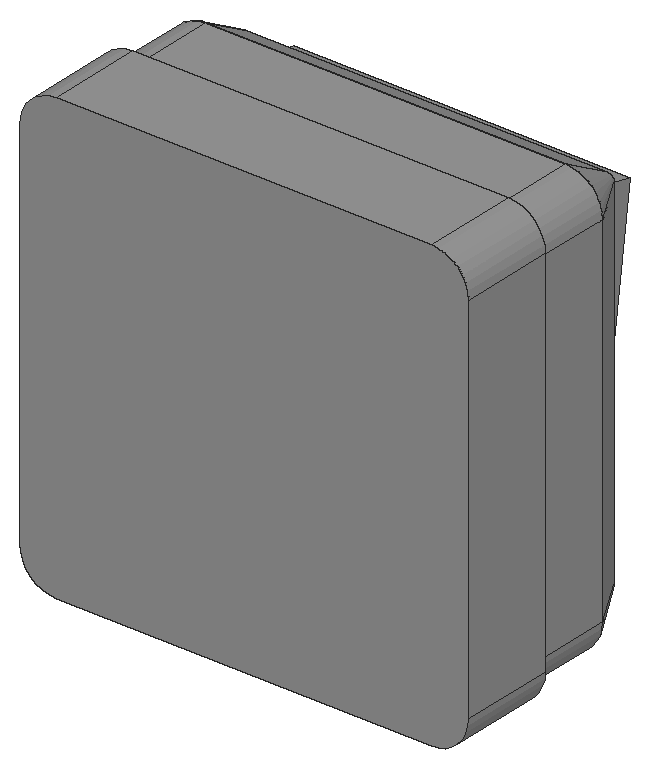
Revit family "IEK_Выключатель_ОткрытойУстановки_С Инд 10А 1-клавишный IP20_ОКТАВА", category Выключатели, Revit 2019
Family settings
  Сохранять ориентацию аннотаций = Да
  Размер круглого соединителя = Использовать диаметр
  Тип детали = Переключатель
  На основе рабочей плоскости = Нет
  Всегда вертикально = Да
  При загрузке вырезать с полостями = Нет
  Общий = Нет
  Точка расчета площади = Нет
Parameters (values of type "ВС20-1-1-ОКм")
  Ширина = 61 mm  # constant formula
  Тип монтажа = "Поверхность монтажа (открытая установка)"  # constant formula
  Степень защиты = "IP20"  # constant formula
  Изготовитель = "IEK"  # constant formula
  Дата изменения = ""
  Глубина = 37 mm  # constant formula
  Высота = 61 mm  # constant formula
  ΔХ [instance] = 2000 mm
  ΔY [instance] = 2000 mm
  KSI_CPr_Строительные изделия = "20.4.01"  # constant formula
  KSI_CMa_Строительные материалы = "01.7.14.03"  # constant formula
  IEK_Цена за единицу = 97.25
  IEK_Поиск в таблице имен = ""
  IEK_Описание = "Универсальный дизайн серии открытой установки \"ОКТАВА\" позволяет устанавливать изделия в квартирах, загородных домах, офисных и производственных помещениях."
  IEK_URL = "https://www.iek.ru/products/catalog/izdeliya_elektroustanovochnye_udliniteli_i_silovye_razemy/elektroustanovochnye_izdeliya/elektroustanovochnye_izdeliya_otkrytogo_montazha_ip20/elektroustanovochnye_izdeliya_oktava/elektroustanovochnye_izdeliya_oktava_tsvet_kremovyy/vyklyuchatel_1_klavishnyy_dlya_otkrytoy_ustanovki_s_indikatsiey_vs20_1_1_okm_10a_oktava_kremovyy_iek"
  ADSK_Ток [instance] = 10 A  # constant formula
  ADSK_Примечание = ""
  ADSK_Полная мощность [instance] = ADSK_Номинальная мощность / ADSK_Коэффициент мощности  # 2200 VA
  ADSK_Позиция [instance] = ""
  ADSK_Номинальная мощность [instance] = ADSK_Ток * ADSK_Напряжение * sqrt(ADSK_Количество фаз числовое) * ADSK_Коэффициент мощности  # 2200 W
  ADSK_Напряжение = 220 V
  ADSK_Наименование = "Выключатель 1-клавишный для открытой установки с индикацией ВС20-1-1-ОКм 10А ОКТАВА кремовый IEK"
  ADSK_Материал обозначение = ""
  ADSK_Материал наименование = "Пластик"  # constant formula
  ADSK_Материал = Цвет кремовый
  ADSK_Масса = 0.056
  ADSK_Марка = "ОКТАВА"  # constant formula
  ADSK_Коэффициент мощности [instance] = 1  # constant formula
  ADSK_Количество фаз числовое = 1
  ADSK_Количество фаз = 1
  ADSK_Код изделия = "EVO11-K33-10-DC"
  ADSK_Классификация нагрузок [instance] = Прочее
  ADSK_Завод-изготовитель = "IEK"  # constant formula
  ADSK_Единица измерения = "шт"  # constant formula
  ADSK_Группирование = "III ЭЛЕКТРОУСТАНОВОЧНЫЕ И ЭЛЕКТРОМОНТАЖНЫЕ ИЗДЕЛИЯ"  # constant formula
  ADSK_Версия семейства = "1.0"  # constant formula
  ADSK_Версия Revit = "2019"  # constant formula
  ADSK_URL страницы изделия = "https://www.iek.ru/products/catalog/izdeliya_elektroustanovochnye_udliniteli_i_silovye_razemy/elektroustanovochnye_izdeliya/elektroustanovochnye_izdeliya_otkrytogo_montazha_ip20/elektroustanovochnye_izdeliya_oktava/?pagec=10"
Types (3, lengths in mm): name | IEK_Цена за единицу | IEK_URL | ADSK_Наименование | ADSK_Материал | ADSK_Масса | ADSK_Код изделия
  (no name) | 97.25 | "https://www.iek.ru/products/catalog/izdeliya_elektroustanovochnye_udliniteli_i_silovye_razemy/elektroustanovochnye_izdeliya/elektroustanovochnye_izdeliya_otkrytogo_montazha_ip20/elektroustanovochnye_izdeliya_oktava/elektroustanovochnye_izdeliya_oktava_tsvet_kremovyy/vyklyuchatel_1_klavishnyy_dlya_otkrytoy_ustanovki_s_indikatsiey_vs20_1_1_okm_10a_oktava_kremovyy_iek" | "Выключатель 1-клавишный для открытой установки с индикацией ВС20-1-1-ОКм 10А ОКТАВА кремовый IEK" | Цвет кремовый | 0.056 | "EVO11-K33-10-DC"
  ВС20-1-1-ОС | 173.64 | "https://www.iek.ru/products/catalog/izdeliya_elektroustanovochnye_udliniteli_i_silovye_razemy/elektroustanovochnye_izdeliya/elektroustanovochnye_izdeliya_otkrytogo_montazha_ip20/elektroustanovochnye_izdeliya_oktava/elektroustanovochnye_izdeliya_oktava_tsvet_sosna/vyklyuchatel_1_klavishnyy_dlya_otkrytoy_ustanovki_s_indikatsiey_vs20_1_1_os_10a_oktava_sosna_iek" | "Выключатель 1-клавишный для открытой установки с индикацией ВС20-1-1-ОС 10А ОКТАВА сосна IEK" | Цвет сосна | 0.054 | "EVO11-K03-10-DC"
  ВС20-1-1-ОКм | 97.25 | "https://www.iek.ru/products/catalog/izdeliya_elektroustanovochnye_udliniteli_i_silovye_razemy/elektroustanovochnye_izdeliya/elektroustanovochnye_izdeliya_otkrytogo_montazha_ip20/elektroustanovochnye_izdeliya_oktava/elektroustanovochnye_izdeliya_oktava_tsvet_kremovyy/vyklyuchatel_1_klavishnyy_dlya_otkrytoy_ustanovki_s_indikatsiey_vs20_1_1_okm_10a_oktava_kremovyy_iek" | "Выключатель 1-клавишный для открытой установки с индикацией ВС20-1-1-ОКм 10А ОКТАВА кремовый IEK" | Цвет кремовый | 0.056 | "EVO11-K33-10-DC"
Reference planes
  plane 1 "По центру (Вперед/Назад)": y = 0
  plane 2: z = 0
  plane 3 "По центру (Влево/Вправо)": x = 0
  plane 4 "Высота ножек": z = 280
  plane 5 "Высота": z = 2081.496
  plane 6: x = -2000
  plane 7: y = 2000
Forms (mm)
  Extrusion 1, solid, detail levels coarse
    sketch origin (0, 24, 0) x (1, 0, 0) y (0, 1, 0)
      loop
        line (-30.5, -24) -> (30.5, -24) -> (30.5, 13) -> (-30.5, 13) -> (-30.5, -24)
    from 0 to 61
  Extrusion 2, solid, detail levels medium
    sketch origin (0, 24, 0) x (1, 0, 0) y (0, 1, 0)
      loop
        line (-30.5, 13) -> (-30.5, -24) -> (30.5, -24) -> (30.5, 13) -> (-30.5, 13)
    from 0 to 61
  Extrusion 3, solid, material "Цвет кремовый" <- "ADSK_Материал", detail levels fine
    sketch origin (0, 0, 30.5) x (1, 0, 0) y (0, 0, -1)
      loop
        line (-30.5, 25.5) -> (-30.5, -25.5)
        arc (-30.5, -25.5) -> (-29.036, -29.036) -> (-25.5, -30.5) r 5
        line (-25.5, -30.5) -> (25.5, -30.5)
        arc (25.5, -30.5) -> (29.036, -29.036) -> (30.5, -25.5) r 5
        line (30.5, -25.5) -> (30.5, 25.5)
        arc (30.5, 25.5) -> (29.036, 29.036) -> (25.5, 30.5) r 5
        line (25.5, 30.5) -> (-25.5, 30.5)
        arc (-25.5, 30.5) -> (-29.036, 29.036) -> (-30.5, 25.5) r 5
    from 0 to 13
  Extrusion 4, solid, material "Цвет кремовый" <- "ADSK_Материал", detail levels fine
    sketch origin (0, 0, 30.5) x (1, 0, 0) y (0, 0, -1)
      loop
        line (-29.5, 24.462) -> (-29.5, -24.462)
        arc (-29.5, -24.462) -> (-28.024, -28.024) -> (-24.462, -29.5) r 5.038
        line (-24.462, -29.5) -> (24.505, -29.5)
        arc (24.505, -29.5) -> (28.037, -28.037) -> (29.5, -24.505) r 4.995
        line (29.5, -24.505) -> (29.5, 24.505)
        arc (29.5, 24.505) -> (28.037, 28.037) -> (24.505, 29.5) r 4.995
        line (24.505, 29.5) -> (-24.462, 29.5)
        arc (-24.462, 29.5) -> (-28.024, 28.024) -> (-29.5, 24.462) r 5.038
    from 13 to 24
  Blend 5, solid, material "Цвет кремовый" <- "ADSK_Материал", detail levels fine
    base sketch origin (0, 0, 30.5) x (1, 0, 0) y (0, 0, -1)
      loop
        line (-29.5, 24.462) -> (-29.5, -24.462)
        arc (-29.5, -24.462) -> (-28.024, -28.024) -> (-24.462, -29.5) r 5.038
        line (-24.462, -29.5) -> (24.505, -29.5)
        arc (24.505, -29.5) -> (28.037, -28.037) -> (29.5, -24.505) r 4.995
        line (29.5, -24.505) -> (29.5, 24.505)
        arc (29.5, 24.505) -> (28.037, 28.037) -> (24.505, 29.5) r 4.995
        line (24.505, 29.5) -> (-24.462, 29.5)
        arc (-24.462, 29.5) -> (-28.024, 28.024) -> (-29.5, 24.462) r 5.038
    top sketch origin (0, 0, 30.5) x (1, 0, 0) y (0, 0, -1)
      loop
        line (-25.459, 24.5) -> (-25.459, -24.5)
        arc (-25.459, -24.5) -> (-25.178, -25.178) -> (-24.5, -25.459) r 0.959
        line (-24.5, -25.459) -> (24.5, -25.459)
        arc (24.5, -25.459) -> (25.178, -25.178) -> (25.459, -24.5) r 0.959
        line (25.459, -24.5) -> (25.459, 24.5)
        arc (25.459, 24.5) -> (25.178, 25.178) -> (24.5, 25.459) r 0.959
        line (24.5, 25.459) -> (-24.5, 25.459)
        arc (-24.5, 25.459) -> (-25.178, 25.178) -> (-25.459, 24.5) r 0.959
    from 24 to 31
  Extrusion 6, void
    sketch origin (0, 0, 30.5) x (1, 0, 0) y (0, 0, -1)
      loop
        arc (-23.459, -21.459) -> (-22.873, -22.873) -> (-21.459, -23.459) r 2
        line (-21.459, -23.459) -> (21.459, -23.459)
        arc (21.459, -23.459) -> (22.873, -22.873) -> (23.459, -21.459) r 2
        line (23.459, -21.459) -> (23.459, 21.459)
        arc (23.459, 21.459) -> (22.873, 22.873) -> (21.459, 23.459) r 2
        line (21.459, 23.459) -> (-21.459, 23.459)
        arc (-21.459, 23.459) -> (-22.873, 22.873) -> (-23.459, 21.459) r 2
        line (-23.459, 21.459) -> (-23.459, -21.459)
    from 30.5 to 31
  Extrusion 7, solid, material "Цвет кремовый" <- "ADSK_Материал", detail levels fine
    sketch origin (0, 0, 30.5) x (0, 0, -1) y (0, 1, 0)
      loop
        line (-23, 30.5) -> (23, 30.5) -> (-21.529, 37) -> (-23, 30.5)
    from -22.8 to 22.8
  Extrusion 8, solid, material "Стекло красное", detail levels fine
    sketch origin (0, -1.519, 35.812) x (1, 0, 0) y (0, -0.144529, -0.989501)
      loop
        line (2.07, -11.152) -> (-1.93, -11.11)
        arc (-1.93, -11.11) -> (-3.909, -13.089) -> (-1.93, -15.069) r 1.979
        line (-1.93, -15.069) -> (2.07, -15.11)
        arc (2.07, -15.11) -> (4.049, -13.131) -> (2.07, -11.152) r 1.979
    from 35.002 to 35.872
Cuts and joins
  Extrusion 6 cuts Blend 5
Lines and regions (mm)
  reference lines
    curve 1: line (0, 44.647, 0) -> (0, -55.353, 0)
    curve 2: line (-23.829, 0, 0) -> (76.171, 0, 0)
Dimensions and locks
  locked: plane 4 "Высота ножек" to plane 2 at 280
  plane 5 "Высота" to plane 4 "Высота ножек" = 1801.496 mm
  "ΔХ": plane 6 to curve 1
  "ΔY": plane 7 to curve 2
  aligned and locked: level to plane 2
  aligned and locked: curve 2 to nested 1
  aligned and locked: nested 1 to curve 1
  aligned and locked: Blend 5 to Extrusion 4
Automatic sketch dimensions
  Extrusion 1 sketch curve to plane 1 "По центру (Вперед/Назад)" = 37 mm
  Extrusion 1 sketch curve to plane 3 "По центру (Влево/Вправо)" = 30.5 mm
  plane 3 "По центру (Влево/Вправо)" to Extrusion 1 sketch curve = 30.5 mm
  plane 1 "По центру (Вперед/Назад)" to Extrusion 1 sketch curve = 0 mm
  Extrusion 2 sketch curve to plane 3 "По центру (Влево/Вправо)" = 30.5 mm
  plane 3 "По центру (Влево/Вправо)" to Extrusion 2 sketch curve = 30.5 mm
  plane 1 "По центру (Вперед/Назад)" to Extrusion 2 sketch curve = 0 mm
  Extrusion 2 sketch curve to plane 1 "По центру (Вперед/Назад)" = 37 mm
  Extrusion 3 sketch curve to level = 0 mm
  level to Extrusion 3 sketch curve = 5 mm  (x2)
  Extrusion 3 sketch curve to plane 3 "По центру (Влево/Вправо)" = 30.5 mm
  Extrusion 3 sketch curve to Extrusion 3 sketch curve = 5 mm
  plane 3 "По центру (Влево/Вправо)" to Extrusion 3 sketch curve = 25.5 mm  (x2)
  Extrusion 3 sketch curve to Extrusion 3 sketch curve = 51 mm
  Extrusion 4 sketch curve to plane 3 "По центру (Влево/Вправо)" = 29.5 mm
  Extrusion 4 sketch curve to Extrusion 4 sketch curve = 5.038 mm  (x2)
  level to Extrusion 4 sketch curve = 1 mm
  plane 3 "По центру (Влево/Вправо)" to Extrusion 4 sketch curve = 24.505 mm  (x2)
  Extrusion 4 sketch curve to Extrusion 4 sketch curve = 4.995 mm
  Extrusion 4 sketch curve to Extrusion 4 sketch curve = 48.925 mm
  Extrusion 4 sketch curve to Extrusion 4 sketch curve = 0 mm  (x2)
  level to Blend 5 sketch curve = 6.038 mm
  Blend 5 sketch curve to plane 3 "По центру (Влево/Вправо)" = 29.5 mm
  Blend 5 sketch curve to Blend 5 sketch curve = 5.038 mm  (x2)
  plane 3 "По центру (Влево/Вправо)" to Blend 5 sketch curve = 24.505 mm  (x2)
  level to Blend 5 sketch curve = 5.995 mm
  Blend 5 sketch curve to Blend 5 sketch curve = 48.925 mm
  level to Blend 5 sketch curve = 6 mm  (x2)
  Blend 5 sketch curve to plane 3 "По центру (Влево/Вправо)" = 25.459 mm
  Blend 5 sketch curve to Blend 5 sketch curve = 0.959 mm  (x2)
  plane 3 "По центру (Влево/Вправо)" to Blend 5 sketch curve = 24.5 mm  (x2)
  Blend 5 sketch curve to Blend 5 sketch curve = 49 mm
  Extrusion 6 sketch curve to plane 3 "По центру (Влево/Вправо)" = 23.459 mm
  Extrusion 6 sketch curve to Extrusion 6 sketch curve = 2 mm  (x3)
  level to Extrusion 6 sketch curve = 7.041 mm
  plane 3 "По центру (Влево/Вправо)" to Extrusion 6 sketch curve = 21.459 mm  (x2)
  Extrusion 6 sketch curve to Extrusion 6 sketch curve = 42.917 mm
  level to Extrusion 7 sketch curve = 53.5 mm
  Extrusion 7 sketch curve to Extrusion 7 sketch curve = 1.471 mm
  level to Extrusion 7 sketch curve = 7.5 mm
  Extrusion 7 sketch curve to plane 1 "По центру (Вперед/Назад)" = 30.5 mm
  Extrusion 7 sketch curve to Extrusion 7 sketch curve = 6.5 mm
  Extrusion 8 sketch curve to plane 3 "По центру (Влево/Вправо)" = 1.93 mm
  plane 3 "По центру (Влево/Вправо)" to Extrusion 8 sketch curve = 2.07 mm
  Extrusion 8 sketch curve to Extrusion 8 sketch curve = 0.042 mm
  Extrusion 8 sketch curve to Extrusion 8 sketch curve = 1.979 mm  (x2)
  curve 2 to plane 3 "По центру (Влево/Вправо)" = 23.829 mm
  plane 3 "По центру (Влево/Вправо)" to curve 2 = 76.171 mm
  plane 1 "По центру (Вперед/Назад)" to curve 1 = 55.353 mm
  curve 1 to plane 1 "По центру (Вперед/Назад)" = 44.647 mm
Nested families
  nested 1: "УГО Выключателя" at (0, 0, 0), type "1K-O", detail levels coarse+medium
    with IP44 no
Connectors
  electrical at (0, 0, 30.5), driven by "ADSK_Количество фаз", driven by "ADSK_Классификация нагрузок", driven by "ADSK_Напряжение", driven by "ADSK_Полная мощность", driven by "ADSK_Коэффициент мощности"
    settings: on Extrusion 1, index 1, voltage 220 V, apparent load 0 VA, apparent load phase1 2200 VA, apparent load phase2 0 VA, apparent load phase3 0 VA, power factor 1, load classification "Прочее", number of poles 1, system type 31, power factor state 1, is connector primary yes, connector utility no, sub classification motor no, connector description ""
Definition of nested family "УГО Выключателя"
  Parameters (values of type "3K-O")
    IP44 [instance] = no
    3K-C = no
    2K-C = no
    1K-C = no
    3K-O = yes
    2K-O = no
    1K-O = no
  Types (6, lengths in mm): name | 3K-C | 2K-C | 1K-C | 3K-O | 2K-O | 1K-O
    2K-O | no | no | no | no | yes | no
    3K-O | no | no | no | yes | no | no
    2K-C | no | yes | no | no | no | no
    1K-O | no | no | no | no | no | yes
    1K-C | no | no | yes | no | no | no
    3K-C | yes | no | no | no | no | no
  Reference planes
    plane 1: y = 0
    plane 2: x = 0
  Lines and regions (mm)
    Filled region 1, type "Цветовая область 1", visible <- "IP44", not visible
      outline origin (0, 0, 0) x (1, 0, 0) y (0, 1, 0)
        loop
          circle (0, 2.214) r 0.994
    Filled region 2, type "Цветовая область 1", visible <- "IP44", not visible
      outline origin (-1.562, 0, 0) x (1, 0, 0) y (0, 1, 0)
        loop
          circle (11.009, 9.276) r 0.994
    Filled region 3, type "Цветовая область 1", visible <- "IP44", not visible
      outline origin (-1.562, 0, 0) x (1, 0, 0) y (0, 1, 0)
        loop
          circle (23.521, 9.279) r 0.994
    Filled region 4, type "Цветовая область 1", visible <- "IP44", not visible
      outline origin (0, 0, 0) x (1, 0, 0) y (0, 1, 0)
        loop
          circle (28.604, 9.279) r 0.994
    Filled region 5, type "Цветовая область 1", visible <- "IP44", not visible
      outline origin (0, 0, 0) x (1, 0, 0) y (0, 1, 0)
        loop
          circle (32.789, 9.279) r 0.994
    Filled region 6, type "Цветовая область 1", visible <- "IP44"
      outline origin (0, 0, 0) x (1, 0, 0) y (0, 1, 0)
        loop
          circle (0.006, 0.994) r 0.994
    Filled region 7, type "Цветовая область 1", visible <- "IP44"
      outline origin (0, 0, 0) x (1, 0, 0) y (0, 1, 0)
        loop
          circle (0.006, 0.994) r 0.994
    Filled region 8, type "Цветовая область 1", visible <- "IP44"
      outline origin (-1.562, 0, 0) x (1, 0, 0) y (0, 1, 0)
        loop
          circle (1.569, 0.994) r 0.994
    Filled region 9, type "Цветовая область 1", visible <- "IP44"
      outline origin (0, 0, 0) x (1, 0, 0) y (0, 1, 0)
        loop
          circle (0.006, 0.994) r 0.994
    Filled region 10, type "Цветовая область 1", visible <- "IP44", not visible
      outline origin (0, 0, 0) x (1, 0, 0) y (0, 1, 0)
        loop
          circle (15.057, 15.33) r 0.994
    Filled region 11, type "Цветовая область 1", visible <- "IP44"
      outline origin (-1.562, 0, 0) x (1, 0, 0) y (0, 1, 0)
        loop
          circle (1.569, 0.994) r 0.994
    Filled region 12, type "Цветовая область 1", visible <- "IP44"
      outline origin (0, 0, 0) x (1, 0, 0) y (0, 1, 0)
        loop
          circle (0.006, 0.994) r 0.994
    detail lines, visible <- "3K-O", not visible
      curve 1: line (0.86, 2.711, 0) -> (3.031, 3.964, 0)
      curve 2: line (0.639, 2.975, 0) -> (2.25, 4.895, 0)
      curve 3: line (0.323, 3.154, 0) -> (1.139, 5.524, 0)
      curve 4: circle (0, 2.214, 0) r 0.994 normal (0, 0, 1)
      curve 5: line (3.031, 3.964, 0) -> (3.431, 3.272, 0)
      curve 6: line (2.25, 4.895, 0) -> (2.863, 4.381, 0)
      curve 7: line (1.139, 5.524, 0) -> (1.896, 5.263, 0)
    detail lines, visible <- "2K-O", not visible
      curve 8: line (10.196, 9.928, 0) -> (12.088, 11.572, 0)
      curve 9: line (9.928, 10.145, 0) -> (11.143, 12.337, 0)
      curve 10: circle (9.446, 9.276, 0) r 0.994 normal (0, 0, 1)
      curve 11: line (12.088, 11.572, 0) -> (12.613, 10.968, 0)
      curve 12: line (11.143, 12.337, 0) -> (11.843, 11.949, 0)
    detail lines, visible <- "1K-O", not visible
      curve 13: line (15.627, 16.144, 0) -> (17.201, 18.393, 0)
      curve 14: circle (15.057, 15.33, 0) r 0.994 normal (0, 0, 1)
      curve 15: line (17.201, 18.393, 0) -> (17.857, 17.934, 0)
    detail lines, visible <- "3K-C", not visible
      curve 16: line (22.819, 9.775, 0) -> (24.99, 11.029, 0)
      curve 17: line (22.597, 10.04, 0) -> (24.208, 11.96, 0)
      curve 18: line (22.282, 10.218, 0) -> (23.098, 12.588, 0)
      curve 19: circle (21.958, 9.279, 0) r 0.994 normal (0, 0, 1)
      curve 20: line (24.765, 11.418, 0) -> (25.215, 10.639, 0)
      curve 21: line (23.863, 12.249, 0) -> (24.553, 11.67, 0)
      curve 22: line (22.672, 12.734, 0) -> (23.523, 12.441, 0)
    detail lines, visible <- "2K-C", not visible
      curve 23: line (29.354, 9.93, 0) -> (31.246, 11.575, 0)
      curve 24: line (29.086, 10.148, 0) -> (30.301, 12.34, 0)
      curve 25: circle (28.604, 9.279, 0) r 0.994 normal (0, 0, 1)
      curve 26: line (30.951, 11.914, 0) -> (31.541, 11.235, 0)
      curve 27: line (29.908, 12.558, 0) -> (30.695, 12.122, 0)
    detail lines, visible <- "1K-C", not visible
      curve 28: line (33.359, 10.092, 0) -> (34.797, 12.146, 0)
      curve 29: circle (32.789, 9.279, 0) r 0.994 normal (0, 0, 1)
      curve 30: line (34.428, 12.404, 0) -> (35.165, 11.887, 0)
    detail lines
      curve 31: line (0.006, 0, 0) -> (0.006, 2.454, 0)
      curve 32: line (0.006, 0, 0) -> (2.217, 0, 0)
    detail lines, visible <- "1K-C"
      curve 33: line (0.576, 1.808, 0) -> (2.014, 3.861, 0)
      curve 34: circle (0.006, 0.994, 0) r 0.994 normal (0, 0, 1)
      curve 35: line (1.645, 4.119, 0) -> (2.383, 3.603, 0)
    detail lines, visible <- "2K-C"
      curve 36: line (0.756, 1.645, 0) -> (2.648, 3.29, 0)
      curve 37: line (0.488, 1.863, 0) -> (1.703, 4.055, 0)
      curve 38: circle (0.006, 0.994, 0) r 0.994 normal (0, 0, 1)
      curve 39: line (2.353, 3.629, 0) -> (2.943, 2.95, 0)
      curve 40: line (1.31, 4.273, 0) -> (2.097, 3.837, 0)
    detail lines, visible <- "3K-C"
      curve 41: line (0.867, 1.49, 0) -> (3.037, 2.744, 0)
      curve 42: line (0.645, 1.755, 0) -> (2.256, 3.675, 0)
      curve 43: line (0.33, 1.933, 0) -> (1.146, 4.303, 0)
      curve 44: circle (0.006, 0.994, 0) r 0.994 normal (0, 0, 1)
      curve 45: line (2.812, 3.133, 0) -> (3.262, 2.354, 0)
      curve 46: line (1.911, 3.964, 0) -> (2.601, 3.386, 0)
      curve 47: line (0.72, 4.449, 0) -> (1.571, 4.156, 0)
    detail lines, visible <- "1K-O"
      curve 48: line (0.576, 1.808, 0) -> (2.151, 4.056, 0)
      curve 49: circle (0.006, 0.994, 0) r 0.994 normal (0, 0, 1)
      curve 50: line (2.151, 4.056, 0) -> (2.806, 3.597, 0)
    detail lines, visible <- "2K-O"
      curve 51: line (0.756, 1.645, 0) -> (2.648, 3.29, 0)
      curve 52: line (0.488, 1.863, 0) -> (1.703, 4.055, 0)
      curve 53: circle (0.006, 0.994, 0) r 0.994 normal (0, 0, 1)
      curve 54: line (2.648, 3.29, 0) -> (3.173, 2.686, 0)
      curve 55: line (1.703, 4.055, 0) -> (2.403, 3.667, 0)
    detail lines, visible <- "3K-O"
      curve 56: line (0.867, 1.49, 0) -> (3.037, 2.744, 0)
      curve 57: line (0.645, 1.755, 0) -> (2.256, 3.675, 0)
      curve 58: line (0.33, 1.933, 0) -> (1.146, 4.303, 0)
      curve 59: circle (0.006, 0.994, 0) r 0.994 normal (0, 0, 1)
      curve 60: line (3.037, 2.744, 0) -> (3.437, 2.051, 0)
      curve 61: line (2.256, 3.675, 0) -> (2.869, 3.161, 0)
      curve 62: line (1.146, 4.303, 0) -> (1.902, 4.042, 0)
